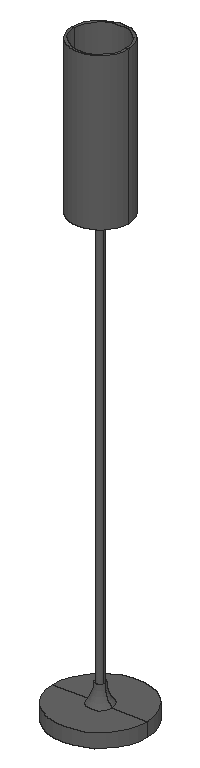
Revit family "Alcon-12315-Revit-Family", category Lighting Fixtures, host Face, Revit 2021
Family settings
  Host = Face
  Round Connector Dimension = Use Diameter
  Part Type = Normal
  Cut with Voids When Loaded = No
  Light Source = Yes
  Shared = No
  Room Calculation Point = No
Parameters
  Wattage = 9.2903 W
  built-in parameter 1150110 = 1 (stored number, unit not read)
  URL = "https://www.alconlighting.com/"
  built-in parameter 1114217 = 1 (stored number, unit not read)
  Tilt Angle = 90.00°
  built-in parameter 1150109 = 1 (stored number, unit not read)
  built-in parameter 1150134 = 3
  built-in parameter 1150113 = 1 (stored number, unit not read)
  Product Identity = "Alcon Lighting 12315"
  Photometric Web File = "LTDP320B-B15.ies"
  built-in parameter 1150142 = "IESNA:LM-63-2002\r\n[TEST] 0677-L1-180716\r\n[TESTLAB] EEMA Industries\r\n[TESTDATE] 07/16/2018\r\n[ISSUEDATE] 08/07/2018\r\n[NEARFIELD] \r\n[MANUFAC] Liton Lighting Inc\r\n[LUMCAT] LTDP320B-B15\r\n[LUMINAIRE] LED Cylo 2” Cylinder Pendant\r\nTILT=NONE\r\n1 1151 1 73 17 1 1 -0.22 -0.22 0\r\n1.0 1.0 18.16\r\n0 2.5 5 7.5 10 12.5 15 17.5 20 22.5 25 27.5 30 32.5 35 37.5 40 42.5 45 47.5 50 52.5 55 57.5 60 62.5 65 67.5 70 72.5 75 77.5 80 82.5 85 87.5 90 92.5 95 97.5 100 102.5 105 107.5 110 112.5 115 117.5 120 122.5 125 127.5 130 132.5 135 137.5\r\n 140 142.5 145 147.5 150 152.5 155 157.5 160 162.5 165 167.5 170 172.5 175 177.5 180\r\n0 22.5 45 67.5 90 112.5 135 157.5 180 202.5 225 247.5 270 292.5 315 337.5 360 \r\n8365.0586 7627.9517 6423.3345 5358.8789 3749.5847 2518.447 1596.1089 934.2343 523.5054 284.7968 152.0357 80.0753 49.4962 36.695 29.4341 25.629 24.1031 23.5203 22.6312 22.3702 21.4196 20.5144 19.3337 17.5444 16.2875 15.0066 13.0059\r\n 11.2094 9.3772 7.268 5.7915 4.4899 3.2258 2.5857 1.4682 0.9084 0.4404 0.4159 0.3914 0.367 0.3425 0.318 0.2936 0.2691 0.2446 0.2202 0.1957 0.1713 0.1468 0.1223 0.0979 0.0734 0.0489 0.0245 0 0 0 0 0 0 0 0 0 0 0 0 0 0 0 0 0 0 0\r\n8365.0586 7627.9517 6423.3345 5358.8789 3749.5847 2518.447 1596.1089 934.2343 523.5054 284.7968 152.0357 80.0753 49.4962 36.695 29.4341 25.629 24.1031 23.5203 22.6312 22.3702 21.4196 20.5144 19.3337 17.5444 16.2875 15.0066 13.0059\r\n 11.2094 9.3772 7.268 5.7915 4.4899 3.2258 2.5857 1.4682 0.9084 0.4404 0.4159 0.3914 0.367 0.3425 0.318 0.2936 0.2691 0.2446 0.2202 0.1957 0.1713 0.1468 0.1223 0.0979 0.0734 0.0489 0.0245 0 0 0 0 0 0 0 0 0 0 0 0 0 0 0 0 0 0 0\r\n8365.0586 7627.9517 6423.3345 5358.8789 3749.5847 2518.447 1596.1089 934.2343 523.5054 284.7968 152.0357 80.0753 49.4962 36.695 29.4341 25.629 24.1031 23.5203 22.6312 22.3702 21.4196 20.5144 19.3337 17.5444 16.2875 15.0066 13.0059\r\n 11.2094 9.3772 7.268 5.7915 4.4899 3.2258 2.5857 1.4682 0.9084 0.4404 0.4159 0.3914 0.367 0.3425 0.318 0.2936 0.2691 0.2446 0.2202 0.1957 0.1713 0.1468 0.1223 0.0979 0.0734 0.0489 0.0245 0 0 0 0 0 0 0 0 0 0 0 0 0 0 0 0 0 0 0\r\n8365.0586 7627.9517 6423.3345 5358.8789 3749.5847 2518.447 1596.1089 934.2343 523.5054 284.7968 152.0357 80.0753 49.4962 36.695 29.4341 25.629 24.1031 23.5203 22.6312 22.3702 21.4196 20.5144 19.3337 17.5444 16.2875 15.0066 13.0059\r\n 11.2094 9.3772 7.268 5.7915 4.4899 3.2258 2.5857 1.4682 0.9084 0.4404 0.4159 0.3914 0.367 0.3425 0.318 0.2936 0.2691 0.2446 0.2202 0.1957 0.1713 0.1468 0.1223 0.0979 0.0734 0.0489 0.0245 0 0 0 0 0 0 0 0 0 0 0 0 0 0 0 0 0 0 0\r\n8365.0586 7627.9517 6423.3345 5358.8789 3749.5847 2518.447 1596.1089 934.2343 523.5054 284.7968 152.0357 80.0753 49.4962 36.695 29.4341 25.629 24.1031 23.5203 22.6312 22.3702 21.4196 20.5144 19.3337 17.5444 16.2875 15.0066 13.0059\r\n 11.2094 9.3772 7.268 5.7915 4.4899 3.2258 2.5857 1.4682 0.9084 0.4404 0.4159 0.3914 0.367 0.3425 0.318 0.2936 0.2691 0.2446 0.2202 0.1957 0.1713 0.1468 0.1223 0.0979 0.0734 0.0489 0.0245 0 0 0 0 0 0 0 0 0 0 0 0 0 0 0 0 0 0 0\r\n8365.0586 7627.9517 6423.3345 5358.8789 3749.5847 2518.447 1596.1089 934.2343 523.5054 284.7968 152.0357 80.0753 49.4962 36.695 29.4341 25.629 24.1031 23.5203 22.6312 22.3702 21.4196 20.5144 19.3337 17.5444 16.2875 15.0066 13.0059\r\n 11.2094 9.3772 7.268 5.7915 4.4899 3.2258 2.5857 1.4682 0.9084 0.4404 0.4159 0.3914 0.367 0.3425 0.318 0.2936 0.2691 0.2446 0.2202 0.1957 0.1713 0.1468 0.1223 0.0979 0.0734 0.0489 0.0245 0 0 0 0 0 0 0 0 0 0 0 0 0 0 0 0 0 0 0\r\n8365.0586 7627.9517 6423.3345 5358.8789 3749.5847 2518.447 1596.1089 934.2343 523.5054 284.7968 152.0357 80.0753 49.4962 36.695 29.4341 25.629 24.1031 23.5203 22.6312 22.3702 21.4196 20.5144 19.3337 17.5444 16.2875 15.0066 13.0059\r\n 11.2094 9.3772 7.268 5.7915 4.4899 3.2258 2.5857 1.4682 0.9084 0.4404 0.4159 0.3914 0.367 0.3425 0.318 0.2936 0.2691 0.2446 0.2202 0.1957 0.1713 0.1468 0.1223 0.0979 0.0734 0.0489 0.0245 0 0 0 0 0 0 0 0 0 0 0 0 0 0 0 0 0 0 0\r\n8365.0586 7627.9517 6423.3345 5358.8789 3749.5847 2518.447 1596.1089 934.2343 523.5054 284.7968 152.0357 80.0753 49.4962 36.695 29.4341 25.629 24.1031 23.5203 22.6312 22.3702 21.4196 20.5144 19.3337 17.5444 16.2875 15.0066 13.0059\r\n 11.2094 9.3772 7.268 5.7915 4.4899 3.2258 2.5857 1.4682 0.9084 0.4404 0.4159 0.3914 0.367 0.3425 0.318 0.2936 0.2691 0.2446 0.2202 0.1957 0.1713 0.1468 0.1223 0.0979 0.0734 0.0489 0.0245 0 0 0 0 0 0 0 0 0 0 0 0 0 0 0 0 0 0 0\r\n8365.0586 7627.9517 6423.3345 5358.8789 3749.5847 2518.447 1596.1089 934.2343 523.5054 284.7968 152.0357 80.0753 49.4962 36.695 29.4341 25.629 24.1031 23.5203 22.6312 22.3702 21.4196 20.5144 19.3337 17.5444 16.2875 15.0066 13.0059\r\n 11.2094 9.3772 7.268 5.7915 4.4899 3.2258 2.5857 1.4682 0.9084 0.4404 0.4159 0.3914 0.367 0.3425 0.318 0.2936 0.2691 0.2446 0.2202 0.1957 0.1713 0.1468 0.1223 0.0979 0.0734 0.0489 0.0245 0 0 0 0 0 0 0 0 0 0 0 0 0 0 0 0 0 0 0\r\n8365.0586 7627.9517 6423.3345 5358.8789 3749.5847 2518.447 1596.1089 934.2343 523.5054 284.7968 152.0357 80.0753 49.4962 36.695 29.4341 25.629 24.1031 23.5203 22.6312 22.3702 21.4196 20.5144 19.3337 17.5444 16.2875 15.0066 13.0059\r\n 11.2094 9.3772 7.268 5.7915 4.4899 3.2258 2.5857 1.4682 0.9084 0.4404 0.4159 0.3914 0.367 0.3425 0.318 0.2936 0.2691 0.2446 0.2202 0.1957 0.1713 0.1468 0.1223 0.0979 0.0734 0.0489 0.0245 0 0 0 0 0 0 0 0 0 0 0 0 0 0 0 0 0 0 0\r\n8365.0586 7627.9517 6423.3345 5358.8789 3749.5847 2518.447 1596.1089 934.2343 523.5054 284.7968 152.0357 80.0753 49.4962 36.695 29.4341 25.629 24.1031 23.5203 22.6312 22.3702 21.4196 20.5144 19.3337 17.5444 16.2875 15.0066 13.0059\r\n 11.2094 9.3772 7.268 5.7915 4.4899 3.2258 2.5857 1.4682 0.9084 0.4404 0.4159 0.3914 0.367 0.3425 0.318 0.2936 0.2691 0.2446 0.2202 0.1957 0.1713 0.1468 0.1223 0.0979 0.0734 0.0489 0.0245 0 0 0 0 0 0 0 0 0 0 0 0 0 0 0 0 0 0 0\r\n8365.0586 7627.9517 6423.3345 5358.8789 3749.5847 2518.447 1596.1089 934.2343 523.5054 284.7968 152.0357 80.0753 49.4962 36.695 29.4341 25.629 24.1031 23.5203 22.6312 22.3702 21.4196 20.5144 19.3337 17.5444 16.2875 15.0066 13.0059\r\n 11.2094 9.3772 7.268 5.7915 4.4899 3.2258 2.5857 1.4682 0.9084 0.4404 0.4159 0.3914 0.367 0.3425 0.318 0.2936 0.2691 0.2446 0.2202 0.1957 0.1713 0.1468 0.1223 0.0979 0.0734 0.0489 0.0245 0 0 0 0 0 0 0 0 0 0 0 0 0 0 0 0 0 0 0\r\n8365.0586 7627.9517 6423.3345 5358.8789 3749.5847 2518.447 1596.1089 934.2343 523.5054 284.7968 152.0357 80.0753 49.4962 36.695 29.4341 25.629 24.1031 23.5203 22.6312 22.3702 21.4196 20.5144 19.3337 17.5444 16.2875 15.0066 13.0059\r\n 11.2094 9.3772 7.268 5.7915 4.4899 3.2258 2.5857 1.4682 0.9084 0.4404 0.4159 0.3914 0.367 0.3425 0.318 0.2936 0.2691 0.2446 0.2202 0.1957 0.1713 0.1468 0.1223 0.0979 0.0734 0.0489 0.0245 0 0 0 0 0 0 0 0 0 0 0 0 0 0 0 0 0 0 0\r\n8365.0586 7627.9517 6423.3345 5358.8789 3749.5847 2518.447 1596.1089 934.2343 523.5054 284.7968 152.0357 80.0753 49.4962 36.695 29.4341 25.629 24.1031 23.5203 22.6312 22.3702 21.4196 20.5144 19.3337 17.5444 16.2875 15.0066 13.0059\r\n 11.2094 9.3772 7.268 5.7915 4.4899 3.2258 2.5857 1.4682 0.9084 0.4404 0.4159 0.3914 0.367 0.3425 0.318 0.2936 0.2691 0.2446 0.2202 0.1957 0.1713 0.1468 0.1223 0.0979 0.0734 0.0489 0.0245 0 0 0 0 0 0 0 0 0 0 0 0 0 0 0 0 0 0 0\r\n8365.0586 7627.9517 6423.3345 5358.8789 3749.5847 2518.447 1596.1089 934.2343 523.5054 284.7968 152.0357 80.0753 49.4962 36.695 29.4341 25.629 24.1031 23.5203 22.6312 22.3702 21.4196 20.5144 19.3337 17.5444 16.2875 15.0066 13.0059\r\n 11.2094 9.3772 7.268 5.7915 4.4899 3.2258 2.5857 1.4682 0.9084 0.4404 0.4159 0.3914 0.367 0.3425 0.318 0.2936 0.2691 0.2446 0.2202 0.1957 0.1713 0.1468 0.1223 0.0979 0.0734 0.0489 0.0245 0 0 0 0 0 0 0 0 0 0 0 0 0 0 0 0 0 0 0\r\n8365.0586 7627.9517 6423.3345 5358.8789 3749.5847 2518.447 1596.1089 934.2343 523.5054 284.7968 152.0357 80.0753 49.4962 36.695 29.4341 25.629 24.1031 23.5203 22.6312 22.3702 21.4196 20.5144 19.3337 17.5444 16.2875 15.0066 13.0059\r\n 11.2094 9.3772 7.268 5.7915 4.4899 3.2258 2.5857 1.4682 0.9084 0.4404 0.4159 0.3914 0.367 0.3425 0.318 0.2936 0.2691 0.2446 0.2202 0.1957 0.1713 0.1468 0.1223 0.0979 0.0734 0.0489 0.0245 0 0 0 0 0 0 0 0 0 0 0 0 0 0 0 0 0 0 0\r\n8365.0586 7627.9517 6423.3345 5358.8789 3749.5847 2518.447 1596.1089 934.2343 523.5054 284.7968 152.0357 80.0753 49.4962 36.695 29.4341 25.629 24.1031 23.5203 22.6312 22.3702 21.4196 20.5144 19.3337 17.5444 16.2875 15.0066 13.0059\r\n 11.2094 9.3772 7.268 5.7915 4.4899 3.2258 2.5857 1.4682 0.9084 0.4404 0.4159 0.3914 0.367 0.3425 0.318 0.2936 0.2691 0.2446 0.2202 0.1957 0.1713 0.1468 0.1223 0.0979 0.0734 0.0489 0.0245 0 0 0 0 0 0 0 0 0 0 0 0 0 0 0 0 0 0 0\r\n"
  Manufacturer = "Alcon Light"
  built-in parameter 1150105 = 109.82 (stored number, unit not read)
  Lumens = 1380 lm
  built-in parameter 1150115 = 1 (stored number, unit not read)
  Link To Product Page = "https://www.alconlighting.com/alcon-led-2-inch-suspended-cylinder-light-fixture.html"
  built-in parameter 1150137 = (empty or 0)
  built-in parameter 1150139 = (empty or 0)
  built-in parameter 1150112 = 1 (stored number, unit not read)
  built-in parameter 1150114 = 1 (stored number, unit not read)
  built-in parameter 1150132 = 2
  built-in parameter 1150102 = (empty or 0)
  built-in parameter 1150107 = 3200 (stored number, unit not read)
  built-in parameter 1150138 = (empty or 0)
  built-in parameter 1150106 = 1.0982 (stored number, unit not read)
  Height = 2' - 0"
  built-in parameter 1150104 = 13.8 (stored number, unit not read)
  Dimming Lamp Color Temperature Shift = <None>
  Default Elevation = 4' - 0"
  Color Filter = 16777215
  Canopy = Canopy
  Cable = Cable
  built-in parameter 1114218 = 1 (stored number, unit not read)
  built-in parameter 1150133 = 10 (stored number, unit not read)
Reference planes (in)
  plane 1 "Center (Front/Back)": y = 0
  plane 2: z = 0
  plane 3 "Center (Left/Right)": x = 0
  plane 4 "1": z = 24
  plane 5 "2": z = 31
Forms (in)
  Revolve 1, solid, material "Canopy" <- "Canopy"
    sketch origin (0, 0, 0) x (1, 0, 0) y (0, 0, 1)
      loop
        line (0, 0) -> (2.5, 0) -> (2.5, 0.75) -> (0.63396, 0.75)
        arc (0.63396, 0.75) -> (0.35051, 1.21437) -> (0.25521, 1.75) r 1.47122
        line (0.25521, 1.75) -> (0, 1.75) -> (0, 0)
      axis (0, 1.75) -> (0, 0)
    angle from 0 to 360
  Extrusion 2, solid, material "Cable" <- "Cable"
    sketch origin (0, 0, 0) x (1, 0, 0) y (0, 1, 0)
      loop
        circle (0, 0) r 0.1883
    from 1.75 to 24
Dimensions and locks (in)
  "Height": plane 4 "1" to level
  nested 1 to plane 5 "2" to plane 4 "1" = 0' - 1 1/4" locked, 0' - 7" locked
  aligned and locked: plane 2 to host face
  aligned and locked: level to host face
  aligned and locked: plane 4 "1" to Extrusion 2
  aligned and locked: level to Revolve 1
  aligned and locked: plane 4 "1" to nested 1
  aligned and locked: plane 3 "Center (Left/Right)" to nested 1
  aligned and locked: imposter light to plane 5 "2"
Automatic sketch dimensions
  host sketch curve to host sketch curve = 8' - 0"  (x2)
  Revolve 1 sketch curve to plane 3 "Center (Left/Right)" = 0' - 0"  (x2)
  Revolve 1 sketch curve to level = 0' - 0"  (x2)
  plane 3 "Center (Left/Right)" to Revolve 1 sketch curve = 0' - 0.63396"
  Revolve 1 sketch curve to Revolve 1 sketch curve = 0' - 0.77364"
  level to Revolve 1 sketch curve = 0' - 0 3/4"
  Revolve 1 sketch curve to Revolve 1 sketch curve = 0' - 0.98547"
  Revolve 1 sketch curve to Revolve 1 sketch curve = 0' - 1"
  Revolve 1 sketch curve to level = 0' - 3"
  plane 3 "Center (Left/Right)" to Revolve 1 sketch curve = 0' - 0.25521"
  plane 1 "Center (Front/Back)" to Extrusion 2 sketch curve = 0' - 0"
  Extrusion 2 sketch curve to plane 3 "Center (Left/Right)" = 0' - 0"
  radius of Extrusion 2 sketch curve = 0' - 0.1883"
Nested families (in)
  nested 1: "Alcon-Can12315-3-Revit-Family" at (0, 0, 24), type "Alcon-Can12315-3-Revit-Family"
Definition of nested family "Alcon-Can12315-3-Revit-Family"
  Parameters (values of type "Alcon-Can12315-3-Revit-Family")
    Housing = none
    Default Elevation = 0' - 0"
  Reference planes (in)
    plane 1 "Light Source Axis (F/B)": y = 0
    plane 2: z = 0
    plane 3 "Light Source Axis (L/R)": x = 0
    plane 4 "Light Source Elevation": z = 8.25
  Forms (in)
    Revolve 1, solid, material <- "Housing"
      sketch origin (0, 0, -12) x (1, 0, 0) y (0, 0, 1)
        loop
          line (0, 12) -> (1.5, 12) -> (1.5, 20.25) -> (1.375, 20.25) -> (1.375, 12.5) -> (0, 12.5) -> (0, 12)
        axis (0, 12) -> (0, 20.25)
      angle from 0 to 360
  Dimensions and locks (in)
    aligned and locked: level to plane 2
